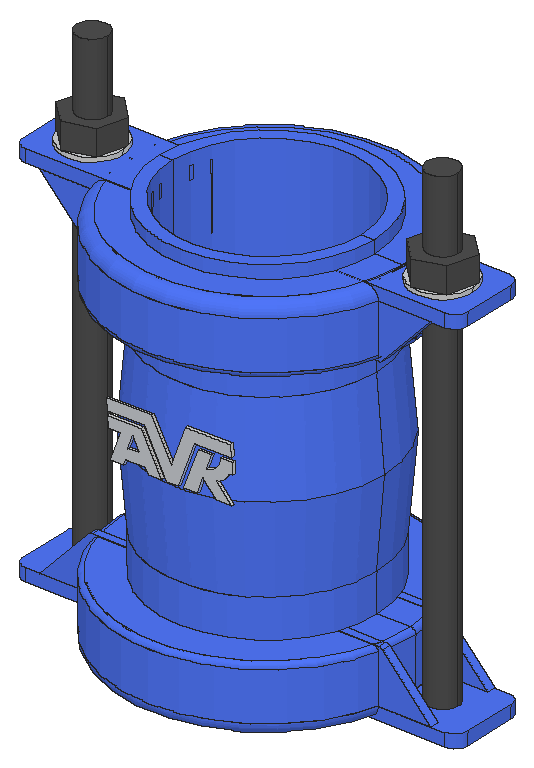
Revit family "601-A-009-DN40-50", category Pipe Accessories, Revit 2019
Family settings
  Round Connector Dimension = Use Diameter
  Part Type = Valve - Breaks Into
  Work Plane-Based = No
  Always vertical = Yes
  Cut with Voids When Loaded = No
  Shared = No
Parameters (values of type "DN50_57-74")
  URL_product_pages = "https://www.avkvalves.com/P.aspx?no=6012420006100"
  Side_length = if(DN > 49 mm, 174 mm, if(DN > 39 mm, 163 mm, 163 mm))  # 174 mm
  PCD = 137 mm  # constant formula
  L1 = 100 mm  # constant formula
  L = 196.5 mm  # constant formula
  Description_ = "AVK UNIVERSAL SUPA® STRAIGHT COUPLING"
  DN_ref = if(DN > 49 mm, 74 mm, if(DN > 39 mm, 63 mm, 63 mm)) / 2  # 37 mm
  DN50_57-74 = "601-074-000-6100"
  DN40_46-63 = "601-063-000-6100"
  DN2 = DN_ref * 2  # 74 mm
  DN = 50 mm
  D1 = if(DN > 49 mm, 42 mm, if(DN > 39 mm, 38 mm, 38 mm))  # 42 mm
Types (3, lengths in mm): name | Side_length | DN_ref | DN2 | DN | D1
  (no name) | 174 | 37 | 74 | 50 | 42
  DN40_46-63 | 163 | 31.5 | 63 | 40 | 38
  DN50_57-74 | 174 | 37 | 74 | 50 | 42
Reference planes
  plane 1 "Center (Front/Back)": y = 0
  plane 2: z = 0
  plane 3 "Center (Left/Right)": x = 0
  plane 4: y = 15.5
  plane 5: y = -15.5
  plane 6: x = -87
  plane 7: x = 87
  plane 8: x = -82
  plane 9: y = -10.5
  plane 10: x = -82
  plane 11: y = 10.5
  plane 12: x = 82
  plane 13: y = 10.5
  plane 14: y = -10.5
  plane 15: x = 82
  plane 16: z = -75.952
  plane 17: z = -70.952
  plane 18: z = -80.952
  plane 19: z = 115.548
  plane 20: x = 68.5
  plane 21: x = -68.5
  plane 22: z = 77.609
  plane 23: z = 87.609
  plane 24: z = 50
  plane 25: z = -50
  plane 26: z = 80.952
  plane 27: x = 33
  plane 28: z = -80.952
  plane 29: x = 38
  plane 30: z = 75.952
  plane 31: x = 58
  plane 32: x = 53
  plane 33: z = 70.952
  plane 34: z = 52.023
  plane 35: x = 55.977
  plane 36: x = 43
  plane 37: z = 35
  plane 38: z = -50
  plane 39: x = 58
  plane 40: z = -75.952
  plane 41: x = 43
  plane 42: x = 46.062
  plane 43: z = -35
  plane 44: z = -70.952
  plane 45: x = 53
  plane 46: x = 38
  plane 47: through (77.591, -1524, 72.121) normal (0.7314, 0, -0.682)
  plane 48: through (-79.201, -1524, 73.847) normal (0.7314, 0, 0.682)
  plane 49: z = 70.951
  plane 50: z = 50
  plane 51: x = 55.984
  plane 52: z = 50.716
  plane 53: x = -55.984
  plane 54: z = 50.716
  plane 55: x = -57.631
  plane 56: x = 57.631
Forms (mm)
  Revolve 1, solid, material "Plastic"
    sketch origin (0, 0, 0) x (1, 0, 0) y (0, 0, 1)
      loop
        line (43, -50) -> (43, -35) -> (46.062, 0) -> (43, 35) -> (43, 50) -> (55.977, 50)
        arc (55.977, 50) -> (57.407, 50.593) -> (58, 52.023) r 2.023
        line (58, 52.023) -> (58, 70.952)
        arc (58, 70.952) -> (56.536, 74.487) -> (53, 75.952) r 5
        line (53, 75.952) -> (42, 75.952) -> (42, 80.952) -> (37, 80.952) -> (37, -80.952) -> (42, -80.952) -> (42, -75.952) -> (53, -75.952)
        arc (53, -75.952) -> (56.536, -74.487) -> (58, -70.952) r 5
        line (58, -70.952) -> (58, -52.023)
        arc (58, -52.023) -> (57.407, -50.593) -> (55.977, -50) r 2.023
        line (55.977, -50) -> (43, -50)
      axis (0, -80.952) -> (0, 80.952)
    angle from 0 to 360
  Extrusion 2, solid, material "Plastic"
    sketch origin (0, 0, 0) x (0, -1, 0) y (1, 0, 0)
      loop
        line (-10.5, -87) -> (10.5, -87)
        arc (10.5, -87) -> (14.036, -85.536) -> (15.5, -82) r 5
        line (15.5, -82) -> (15.5, 82)
        arc (15.5, 82) -> (14.036, 85.536) -> (10.5, 87) r 5
        line (10.5, 87) -> (-10.5, 87)
        arc (-10.5, 87) -> (-14.036, 85.536) -> (-15.5, 82) r 5
        line (-15.5, 82) -> (-15.5, -82)
        arc (-15.5, -82) -> (-14.036, -85.536) -> (-10.5, -87) r 5
    from 75.952 to 70.951
  Extrusion 3, solid, material "Stainless Steel AISI 304"
    sketch origin (0, 0, 0) x (1, 0, 0) y (0, 1, 0)
      loop
        circle (-68.5, 0) r 6
      loop
        circle (68.5, 0) r 6
    from -75.952 to 115.548
  Extrusion 4, solid, material "Plastic"
    sketch origin (0, 0, 0) x (1, 0, 0) y (0, 1, 0)
      loop
        line (82, 15.5) -> (-82, 15.5)
        arc (-82, 15.5) -> (-85.536, 14.036) -> (-87, 10.5) r 5
        line (-87, 10.5) -> (-87, -10.5)
        arc (-87, -10.5) -> (-85.536, -14.036) -> (-82, -15.5) r 5
        line (-82, -15.5) -> (82, -15.5)
        arc (82, -15.5) -> (85.536, -14.036) -> (87, -10.5) r 5
        line (87, -10.5) -> (87, 10.5)
        arc (87, 10.5) -> (85.536, 14.036) -> (82, 15.5) r 5
    from -75.952 to -70.952
  Extrusion 5, solid, material "Stainless Steel AISI 304(1)"
    sketch origin (0, 0, 0) x (1, 0, 0) y (0, 1, 0)
      loop
        circle (68.5, 0) r 12
      loop
        circle (-68.5, 0) r 12
    from 77.609 to 75.952
  Extrusion 6, solid, material "Plastic"
    sketch origin (0, 0, 0) x (1, 0, 0) y (0, 0, 1)
      loop
        line (76.5, 70.951) -> (0, 70.951) -> (-76.5, 70.951) -> (-57.631, 50.716)
        arc (-57.631, 50.716) -> (-56.882, 50.187) -> (-55.984, 50) r 2.253
        line (-55.984, 50) -> (0, 50) -> (55.984, 50)
        arc (55.984, 50) -> (56.882, 50.187) -> (57.631, 50.716) r 2.253
        line (57.631, 50.716) -> (76.5, 70.951)
    from 12.281 to 15.5
  Extrusion 7, solid, material "Plastic"
    sketch origin (0, 0, 0) x (1, 0, 0) y (0, 0, -1)
      loop
        line (76.5, -70.951) -> (57.631, -50.716)
        arc (57.631, -50.716) -> (56.882, -50.187) -> (55.984, -50) r 2.253
        line (55.984, -50) -> (0, -50) -> (-55.984, -50)
        arc (-55.984, -50) -> (-56.882, -50.187) -> (-57.631, -50.716) r 2.253
        line (-57.631, -50.716) -> (-76.5, -70.951) -> (0, -70.951) -> (76.5, -70.951)
    from 12.281 to 15.5
  Extrusion 8, solid, material "Plastic"
    sketch origin (0, 0, 0) x (1, 0, 0) y (0, 0, 1)
      loop
        line (76.501, -70.952) -> (57.631, -50.716)
        arc (57.631, -50.716) -> (56.882, -50.187) -> (55.984, -50) r 2.253
        line (55.984, -50) -> (0, -50) -> (-55.984, -50)
        arc (-55.984, -50) -> (-56.882, -50.187) -> (-57.631, -50.716) r 2.253
        line (-57.631, -50.716) -> (-76.501, -70.952) -> (0, -70.952) -> (76.501, -70.952)
    from 12.281 to 15.5
  Extrusion 9, solid, material "Plastic"
    sketch origin (0, 0, 0) x (1, 0, 0) y (0, 0, -1)
      loop
        line (76.501, 70.952) -> (0, 70.952) -> (-76.501, 70.952) -> (-57.631, 50.716)
        arc (-57.631, 50.716) -> (-56.882, 50.187) -> (-55.984, 50) r 2.253
        line (-55.984, 50) -> (0, 50) -> (55.984, 50)
        arc (55.984, 50) -> (56.882, 50.187) -> (57.631, 50.716) r 2.253
        line (57.631, 50.716) -> (76.501, 70.952)
    from 12.281 to 15.5
  Revolve 10, void
    sketch origin (0, 0, 0) x (1, 0, 0) y (0, 0, 1)
      loop
        line (0, 80.952) -> (0, -80.952) -> (37, -80.952) -> (37, 80.952) -> (0, 80.952)
      axis (0, -80.952) -> (0, 80.952)
    angle from 0 to 360
  Extrusion 11, solid, material "Stainless Steel AISI 304"
    sketch origin (0, 0, 0) x (1, 0, 0) y (0, 1, 0)
      loop
        line (76.985, -8.485) -> (80.091, 3.106) -> (71.606, 11.591) -> (60.015, 8.485) -> (56.909, -3.106) -> (65.394, -11.591) -> (76.985, -8.485)
      loop
        line (-60.015, -8.485) -> (-56.909, 3.106) -> (-65.394, 11.591) -> (-76.985, 8.485) -> (-80.091, -3.106) -> (-71.606, -11.591) -> (-60.015, -8.485)
    from 77.609 to 87.609
  Revolve 12, solid, material "Stainless Steel AISI 304"
    sketch origin (0, 0, 0) x (1, 0, 0) y (0, 0, 1)
      loop
        line (68.5, -75.952) -> (68.5, -80.952)
        arc (68.5, -80.952) -> (74.977, -79.568) -> (80.526, -75.952) r 18.148
        line (80.526, -75.952) -> (68.5, -75.952)
      axis (68.5, -80.952) -> (68.5, -75.952)
    angle from 0 to 360
  Revolve 13, solid, material "Stainless Steel AISI 304"
    sketch origin (0, 0, 0) x (-1, 0, 0) y (0, 0, 1)
      loop
        line (68.5, -75.952) -> (68.5, -80.952)
        arc (68.5, -80.952) -> (74.977, -79.568) -> (80.526, -75.952) r 18.148
        line (80.526, -75.952) -> (68.5, -75.952)
      axis (68.5, -80.952) -> (68.5, -75.952)
    angle from 0 to 360
Cuts and joins
  Revolve 10 cuts Revolve 1
  Revolve 10 cuts Extrusion 2
  Revolve 10 cuts Extrusion 4
  Revolve 10 cuts Extrusion 6
  Revolve 10 cuts Extrusion 7
  Revolve 10 cuts Extrusion 8
  Revolve 10 cuts Extrusion 9
Dimensions and locks
  equal spacing: plane 4, plane 1 "Center (Front/Back)", plane 5
  plane 4 to plane 5 = 31 mm
  equal spacing: plane 6, plane 3 "Center (Left/Right)", plane 7
  "Side_length": plane 6 to plane 7
  locked: plane 6 to plane 10 at 5
  locked: plane 4 to plane 11 at 5
  locked: plane 6 to plane 8 at 5
  locked: plane 5 to plane 9 at 5
  locked: plane 12 to plane 7 at 5
  locked: plane 4 to plane 13 at 5
  locked: plane 14 to plane 5 at 5
  locked: plane 15 to plane 7 at 5
  equal spacing: Extrusion 3 sketch curve, plane 3 "Center (Left/Right)", Extrusion 3 sketch curve
  "PCD": Extrusion 3 sketch curve to Extrusion 3 sketch curve
  locked: level to plane 18 at 80.952
  "L": plane 19 to plane 18
  "L1": plane 24 to plane 25
  "DN_ref": plane 3 "Center (Left/Right)" to Revolve 10 sketch curve
  "DN_ref": Revolve 1 sketch curve to plane 3 "Center (Left/Right)"
  "D1": Revolve 1 sketch curve to plane 3 "Center (Left/Right)"  (x2)
  radius of Extrusion 3 sketch curve = 6 mm  (x2)
  radius of Revolve 12 sketch curve = 18.148 mm
  radius of Revolve 13 sketch curve = 18.148 mm
  aligned and locked: level to plane 2
  aligned and locked: plane 10 to Extrusion 2 sketch curve
  aligned and locked: plane 4 to Extrusion 2 sketch curve  (x2)
  aligned and locked: Extrusion 2 sketch curve to plane 11
  aligned and locked: plane 6 to Extrusion 2 sketch curve  (x2)
  aligned and locked: Extrusion 2 sketch curve to plane 9
  aligned and locked: plane 5 to Extrusion 2 sketch curve  (x2)
  aligned and locked: plane 8 to Extrusion 2 sketch curve
  aligned and locked: Extrusion 2 sketch curve to plane 14
  aligned and locked: plane 7 to Extrusion 2 sketch curve  (x2)
  aligned and locked: plane 15 to Extrusion 2 sketch curve
  aligned and locked: plane 13 to Extrusion 2 sketch curve
  aligned and locked: plane 12 to Extrusion 2 sketch curve
  aligned and locked: Extrusion 4 to Extrusion 3
  aligned and locked: plane 17 to Extrusion 4
  aligned and locked: plane 19 to Extrusion 3
  aligned and locked: Extrusion 5 to Revolve 1
  aligned and locked: plane 3 "Center (Left/Right)" to Revolve 10 sketch curve
  aligned and locked: Revolve 10 sketch curve to Revolve 10 sketch curve
  aligned and locked: Extrusion 11 to Extrusion 5
  aligned and locked: plane 23 to Extrusion 11
  aligned and locked: Revolve 12 sketch curve to plane 20
  aligned and locked: cut or joined group of Extrusion 4, Revolve 10 to Revolve 12 sketch curve
  aligned and locked: plane 20 to Revolve 12 sketch curve
  aligned and locked: Revolve 13 sketch curve to plane 21
  aligned and locked: plane 21 to Revolve 13 sketch curve
  aligned and locked: Revolve 13 sketch curve to cut or joined group of Extrusion 4, Revolve 10
  aligned and locked: plane 24 to cut or joined group of Extrusion 6, Revolve 10
  aligned and locked: plane 25 to cut or joined group of Extrusion 8, Revolve 10
  aligned and locked: Extrusion 4 to cut or joined group of Extrusion 2, Revolve 10  (x2)
  aligned and locked: plane 30 to Revolve 1 sketch curve  (x2)
  aligned and locked: plane 32 to Revolve 1 sketch curve
  aligned and locked: plane 31 to Revolve 1 sketch curve  (x2)
  aligned and locked: plane 33 to Revolve 1 sketch curve
  aligned and locked: plane 34 to Revolve 1 sketch curve
  aligned and locked: plane 24 to Revolve 1 sketch curve  (x2)
  aligned and locked: plane 35 to Revolve 1 sketch curve
  aligned and locked: plane 36 to Revolve 1 sketch curve  (x2)
  aligned and locked: plane 37 to Revolve 1 sketch curve
  aligned and locked: plane 42 to Revolve 1 sketch curve
  aligned and locked: level to Revolve 1 sketch curve
  aligned and locked: plane 41 to Revolve 1 sketch curve  (x2)
  aligned and locked: plane 43 to Revolve 1 sketch curve
  aligned and locked: plane 38 to Revolve 1 sketch curve  (x2)
  aligned and locked: plane 39 to Revolve 1 sketch curve  (x2)
  aligned and locked: plane 44 to Revolve 1 sketch curve
  aligned and locked: plane 45 to Revolve 1 sketch curve
  aligned and locked: plane 40 to Revolve 1 sketch curve
  aligned and locked: plane 51 to Extrusion 6 sketch curve
  aligned and locked: plane 47 to Extrusion 6 sketch curve
  aligned and locked: plane 50 to Extrusion 6 sketch curve
  aligned and locked: plane 53 to Extrusion 6 sketch curve
  aligned and locked: plane 54 to Extrusion 6 sketch curve
  aligned and locked: plane 55 to Extrusion 6 sketch curve
  aligned and locked: plane 56 to Extrusion 6 sketch curve
  aligned and locked: Extrusion 7 sketch curve to cut or joined group of Extrusion 6, Revolve 10  (x4)
  aligned and locked: Extrusion 6 to cut or joined group of Extrusion 2, Revolve 10
  aligned and locked: Extrusion 8 to plane 17
  aligned and locked: Extrusion 9 to plane 17
  aligned and locked: Extrusion 2 to Extrusion 5
  aligned and locked: Extrusion 4 to plane 16
Automatic sketch dimensions
  Extrusion 5 sketch curve to Extrusion 5 sketch curve = 0 mm  (x4)
  plane 1 "Center (Front/Back)" to Extrusion 5 sketch curve = 0 mm  (x2)
  Extrusion 5 sketch curve to plane 21 = 0 mm
  Extrusion 5 sketch curve to plane 20 = 0 mm
  Extrusion 5 sketch curve to plane 21 = 12 mm
  Extrusion 5 sketch curve to plane 20 = 12 mm
  Extrusion 6 sketch curve to plane 3 "Center (Left/Right)" = 0 mm  (x2)
  Extrusion 6 sketch curve to plane 21 = 8 mm
  plane 20 to Extrusion 6 sketch curve = 8 mm
  Extrusion 6 sketch curve to plane 22 = 6.658 mm
  Extrusion 7 sketch curve to plane 3 "Center (Left/Right)" = 0 mm  (x2)
  plane 21 to Extrusion 7 sketch curve = 12.516 mm
  Extrusion 7 sketch curve to Extrusion 7 sketch curve = 1.648 mm
  Extrusion 7 sketch curve to Extrusion 7 sketch curve = 1.536 mm
  Extrusion 8 sketch curve to plane 3 "Center (Left/Right)" = 0 mm  (x2)
  Extrusion 8 sketch curve to plane 21 = 12.516 mm
  Extrusion 8 sketch curve to Extrusion 8 sketch curve = 1.648 mm  (x2)
  Extrusion 8 sketch curve to plane 17 = 0 mm
  plane 21 to Extrusion 8 sketch curve = 8.001 mm
  plane 20 to Extrusion 8 sketch curve = 12.516 mm
  Extrusion 8 sketch curve to plane 20 = 8.001 mm
  Extrusion 8 sketch curve to plane 17 = 18.699 mm  (x2)
  Extrusion 8 sketch curve to Extrusion 8 sketch curve = 1.536 mm
  Extrusion 9 sketch curve to plane 3 "Center (Left/Right)" = 0 mm  (x2)
  plane 21 to Extrusion 9 sketch curve = 12.516 mm
  Extrusion 9 sketch curve to Extrusion 9 sketch curve = 1.648 mm  (x2)
  plane 17 to Extrusion 9 sketch curve = 0 mm
  Extrusion 9 sketch curve to plane 21 = 8.001 mm
  Extrusion 9 sketch curve to plane 20 = 12.516 mm
  plane 20 to Extrusion 9 sketch curve = 8.001 mm
  plane 17 to Extrusion 9 sketch curve = 18.699 mm  (x2)
  Extrusion 9 sketch curve to Extrusion 9 sketch curve = 1.536 mm
  Revolve 12 sketch curve to plane 18 = 0 mm
  Revolve 12 sketch curve to plane 20 = 0.491 mm
  Revolve 12 sketch curve to plane 18 = 5 mm
  Revolve 12 sketch curve to Revolve 12 sketch curve = 5 mm
  Revolve 13 sketch curve to plane 18 = 0 mm
  Revolve 13 sketch curve to plane 21 = 0.491 mm
  Revolve 13 sketch curve to Revolve 13 sketch curve = 5 mm  (x2)
  plane 20 to Extrusion 7 sketch curve = 8 mm
  Revolve 1 sketch curve to plane 3 "Center (Left/Right)" = 0 mm
  plane 35 to Revolve 1 sketch curve = 0 mm
  Revolve 1 sketch curve to plane 18 = 0 mm
  Revolve 1 sketch curve to plane 26 = 0 mm
  Revolve 1 sketch curve to plane 43 = 5 mm
  plane 33 to Revolve 1 sketch curve = 0.952 mm
  plane 1 "Center (Front/Back)" to Extrusion 3 sketch curve = 0 mm  (x2)
  Revolve 10 sketch curve to plane 18 = 0 mm
  plane 22 to Revolve 10 sketch curve = 3.343 mm
  Revolve 10 sketch curve to level = 10.952 mm
  level to Revolve 10 sketch curve = 14.048 mm
Nested families
  nested 1: "LOGO - Copy - Copy" at (0.839, -45.211, -9.639) x (0.9998, 0.0184, 0.0016) z (0.0185, -0.996, -0.0872), type "LOGO - Copy - Copy"
Connectors
  piping at (0, 0, -80.952), diameter 74, driven by "DN2"
    settings: on Revolve 1, index 1, connector inside diameter 609.6 mm, connector length 0 mm, flow factor 0, pipe flow 0.0 L/s, pressure drop 0.0 Pa, fitting loss kfactor 0, connector angle 0.00°, fixture units 0, engagement length 0 mm, angle of deflection 0.00°, flow configuration 0, flow direction 0, fitting loss method 0, system type 7, joint type 0, gender type 0, connector reference index -1, connector utility 0, adjustable connector no, is connector primary yes, connector description ""
  piping at (0, 0, 80.952), diameter 74, driven by "DN2"
    settings: on Revolve 1, index 2, connector inside diameter 609.6 mm, connector length 0 mm, flow factor 0, pipe flow 0.0 L/s, pressure drop 0.0 Pa, fitting loss kfactor 0, connector angle 0.00°, fixture units 0, engagement length 0 mm, angle of deflection 0.00°, flow configuration 0, flow direction 0, fitting loss method 0, system type 19, joint type 0, gender type 0, connector reference index -1, connector utility 0, adjustable connector no, is connector primary no, connector description ""
Definition of nested family "LOGO - Copy - Copy"
  Parameters (values of type "LOGO - Copy - Copy")
    Default Elevation = 1219.2 mm
  Reference planes
    plane 1 "Center (Front/Back)": y = 0
    plane 2: z = 0
    plane 3 "Center (Left/Right)": x = 0
  Forms (mm)
    Extrusion 1, solid
      sketch origin (0, 0, 0) x (1, 0, 0) y (0, 1, 0)
        loop
          line (-1219.2, 1219.2) -> (-1219.2, -1219.2) -> (1219.2, -1219.2) -> (1219.2, 1219.2) -> (-1219.2, 1219.2)
      from 0 to -304.8
    Extrusion 2, solid
      sketch origin (0, 0, 0) x (1, 0, 0) y (0, 1, 0)
        loop
          line (-6.514, 34.224) -> (-24, 34.224) -> (-24, 29.481) -> (-9.766, 29.481) -> (-2.391, 11.367) -> (2.391, 11.367) -> (9.766, 29.481) -> (24, 29.481) -> (24, 34.224) -> (6.514, 34.224) -> (0, 18.224) -> (-6.514, 34.224)
        loop
          line (-10.996, 27.653) -> (-24, 27.653) -> (-24, 23.081) -> (-19.503, 23.081) -> (-24, 11.367) -> (-18.92, 11.367) -> (-17.955, 13.881) -> (-10.51, 13.881) -> (-9.486, 11.367) -> (-4.365, 11.367) -> (-10.996, 27.653)
        loop
          line (-16.777, 18.224) -> (-12.278, 18.224) -> (-14.594, 23.912) -> (-16.777, 18.224)
        loop
          line (4.365, 11.367) -> (9.486, 11.367) -> (12.093, 17.77) -> (16.918, 11.367) -> (22.857, 11.367) -> (17.399, 18.61)
          arc (17.399, 18.61) -> (20.583, 20.18) -> (22.629, 23.081) r 7.2
          line (22.629, 23.081) -> (24, 23.081) -> (24, 27.653) -> (19.429, 27.653)
          arc (19.429, 27.653) -> (17.763, 23.526) -> (13.699, 21.714) r 5.943
          line (13.699, 21.714) -> (16.117, 27.653) -> (10.996, 27.653) -> (4.365, 11.367)
      from 0 to 1
  Dimensions and locks
    aligned and locked: plane 2 to Extrusion 1
    aligned and locked: level to Extrusion 1
    aligned and locked: Extrusion 2 sketch curve to import instance
